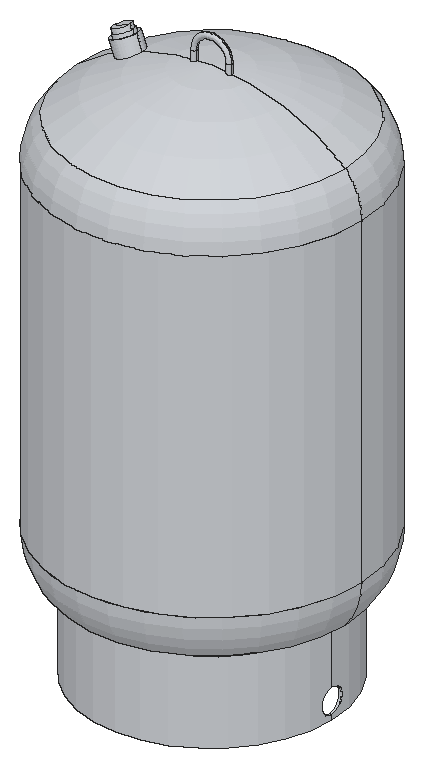
Revit family
Parameters (values of type "WX-407-C 125# W.P.")
  Weight = "436"
  Tank Volume = "132 Gallons"
  Tank Only = 49.625"
  Tank Height/Length = 54.375"
  Tank Diameter = "30"
  Pipe Connector Diameter = Pipe Connection Radius * 2  # 1.250"
  Pipe Connection Radius = 0.625"
  Model = "WX-407-C"
  Maximum Acceptance Volume = "45 Gallons"
  Max Operating Temp = "200 Def F"
  Max Operating Pressure = "125 PSI"
  Manufacturer = "Amtrol"
  Lifting Ring Location = Tank Only / 2  # 24.8125"
  Floor to Elbow Centerline = 1.750"
  Floor to Bottom of Tank = 4.688"
  Bladder/Diaphragm = "Diaphragm"
  ASME = yes
Types (5): name | Weight | Max Operating Pressure
  (no name) | "436" | "125 PSI"
  WX-407-C 125# W.P. | "436" | "125 PSI"
  WX-407-C 150# W.P. 10 BAR | "436" | "150 PSI"
  WX-407-C 175# W.P. | "436" | "175 PSI"
  WX-407-C 250# W.P. | "570" | "250 PSI"
Reference planes (in)
  plane 1 "Center (Front/Back)": y = 0
  plane 2: z = 0
  plane 3 "Center (Left/Right)": x = 0
Forms (in)
  Revolve 1, solid
    sketch origin (0, 0, 0) x (1, 0, 0) y (0, 0, 1)
      loop
        line (0, 54.313) -> (0, 4.688)
        arc (0, 4.688) -> (7.02304, 5.80327) -> (13.36034, 9.02904) r 22.78705
        arc (13.36034, 9.02904) -> (14.54245, 11.03825) -> (14.95353, 13.33289) r 6.60982
        line (14.95353, 13.33289) -> (14.95353, 45.59578)
        arc (14.95353, 45.59578) -> (14.54231, 47.804) -> (13.36377, 49.71617) r 6.13455
        arc (13.36377, 49.71617) -> (7.04725, 53.07677) -> (0, 54.313) r 22.787
      axis (0, 54.313) -> (0, 4.688)
    angle from 0 to 360
  Revolve 2, solid
    sketch origin (0, 0, 0) x (1, 0, 0) y (0, 0, 1)
      loop
        line (-8.97132, 54.74029) -> (-8.06922, 52.50752) -> (-6.88626, 52.98546) -> (-7.49136, 54.48314) -> (-7.757, 54.37581) -> (-7.88348, 54.68887) -> (-7.99307, 54.64459) -> (-8.16359, 55.06663) -> (-8.97132, 54.74029)
      axis (-8.06922, 52.50752) -> (-8.97132, 54.74029)
    angle from 0 to 360
  Revolve 3, solid
    sketch origin (0, 0, 0) x (1, 0, 0) y (0, 0, 1)
      loop
        line (0.79596, 4.82744) -> (0, 4.82744) -> (0, 3.52287) -> (0.79596, 3.52287) -> (0.79596, 4.82744)
      axis (0, 3.52287) -> (0, 4.82744)
    angle from 0 to 360
  Sweep 4, solid
    path origin (0, 0, 0) x (1, 0, 0) y (0, 0, 1)
      loop
        line (0, 3.51652) -> (0, 3.1545)
        arc (0, 3.1545) -> (0.41137, 2.16137) -> (1.4045, 1.75) r 1.4045
        line (1.4045, 1.75) -> (1.9045, 1.75)
    profile origin (0, 0, 3.33551) x (0, -1, 0) y (1, 0, 0)
      loop
        circle (0, 0) r 0.8375
  Revolve 5, solid
    sketch origin (0, 0, 0) x (1, 0, 0) y (0, 0, 1)
      loop
        line (11.99523, 0) -> (11.99523, 8.75) -> (11.74523, 8.75) -> (11.74523, 0) -> (11.99523, 0)
      axis (0, 0) -> (0, 8.75)
    angle from 0 to 360
  Sweep 6, void
    path origin (0, 0, 0) x (1, 0, 0) y (0, 0, 1)
      loop
        line (12.875, 1.75) -> (7.875, 1.75)
    profile origin (10.375, 0, 1.75) x (0, 0, -1) y (0, -1, 0)
      loop
        circle (0, 0) r 1.25
  Sweep 7, solid
    path origin (0, 0, 0) x (1, 0, 0) y (0, 0, 1)
      loop
        line (-14.78563, 31.24746) -> (-15.78563, 31.24746)
        arc (-15.78563, 31.24746) -> (-17.53563, 29.49746) -> (-15.78563, 27.74746) r 1.75
        line (-15.78563, 27.74746) -> (-14.78563, 27.74746)
    profile origin (-15.28563, 0, 31.24746) x (0, 0, -1) y (0, -1, 0)
      loop
        circle (0, 0) r 0.25
  Sweep 8, solid
    path origin (0, 0, 0) x (1, 0, 0) y (0, 0, 1)
      loop
        line (-1.75, 54.11484) -> (-1.75, 55.11484)
        arc (-1.75, 55.11484) -> (0, 56.86484) -> (1.75, 55.11484) r 1.75
        line (1.75, 55.11484) -> (1.75, 54.11484)
    profile origin (-1.75, 0, 54.61484) x (-1, 0, 0) y (0, -1, 0)
      loop
        circle (0, 0) r 0.24953
Cuts and joins
  Sweep 6 cuts Revolve 5
Lines and regions (in)
  reference lines
    curve 1: line (0, 0, 4.68496) -> (-0.84125, 0, 4.68496)
Dimensions and locks (in)
  "Tank Only": Revolve 1 sketch curve to Revolve 1 sketch curve
  "Floor to Elbow Centerline": Revolve 5 to Sweep 6 sketch curve
  Revolve 1 sketch curve to Revolve 1 sketch curve = 16.79931"
  Revolve 2 sketch curve to Revolve 2 sketch curve = 2.40813"
  Revolve 2 sketch curve to Revolve 2 sketch curve = 1.61529"
  Revolve 2 sketch curve to Revolve 2 sketch curve = 1.97384"
  Revolve 2 sketch curve to Revolve 2 sketch curve = 2.4419"
  Revolve 2 sketch curve to Revolve 1 = 2.79134"
  Revolve 2 sketch curve to Revolve 1 = 3.26929"
  "Floor to Bottom of Tank": Revolve 1 sketch curve to cut or joined group of Revolve 5, Sweep 6
  "Floor to Elbow Centerline": Sweep 4 sketch curve to cut or joined group of Revolve 5, Sweep 6
  "Lifting Ring Location": Sweep 7 sketch curve to curve 1
  plane 3 "Center (Left/Right)" to Sweep 8 sketch curve = 1.750"
  Sweep 8 sketch curve to Sweep 8 sketch curve = 3.500"
Automatic sketch dimensions
  Revolve 2 sketch curve to plane 3 "Center (Left/Right)" = 9.09939"
  Revolve 2 sketch curve to Revolve 2 sketch curve = 0.12807"
  Revolve 2 sketch curve to Revolve 2 sketch curve = 0.000"  (x2)
  Revolve 2 sketch curve to Revolve 2 sketch curve = 0.10959"
  Revolve 2 sketch curve to Revolve 2 sketch curve = 0.12648"
  Revolve 2 sketch curve to Revolve 2 sketch curve = 0.31698"
  Revolve 3 sketch curve to plane 3 "Center (Left/Right)" = 0.000"  (x2)
  plane 3 "Center (Left/Right)" to Revolve 3 sketch curve = 0.79596"
  level to Revolve 3 sketch curve = 3.52287"
  Revolve 3 sketch curve to Revolve 3 sketch curve = 0.000"
  Revolve 3 sketch curve to Revolve 3 sketch curve = 1.30457"
  Revolve 3 sketch curve to Revolve 3 sketch curve = 0.56303"
  Sweep 4 sketch curve to plane 3 "Center (Left/Right)" = 0.000"
  plane 3 "Center (Left/Right)" to Sweep 4 sketch curve = 1.4045"
  Sweep 4 sketch curve to Sweep 4 sketch curve = 0.500"
  Sweep 4 sketch curve to Sweep 4 sketch curve = 0.36201"
  plane 1 "Center (Front/Back)" to Sweep 4 sketch curve = 0.000"
  Sweep 4 sketch curve to profile plane = 0.000"
  Revolve 5 sketch curve to plane 3 "Center (Left/Right)" = 0.000"
  Revolve 5 sketch curve to level = 0.000"
  plane 3 "Center (Left/Right)" to Revolve 5 sketch curve = 11.74523"
  Revolve 5 sketch curve to Revolve 5 sketch curve = 0.250"
  Revolve 5 sketch curve to level = 0.73742"
  level to Revolve 5 sketch curve = 8.750"
  level to Revolve 5 sketch curve = 9.0291"
  plane 3 "Center (Left/Right)" to Sweep 6 sketch curve = 7.875"
  Sweep 6 sketch curve to Sweep 6 sketch curve = 5.000"
  Sweep 6 sketch curve to plane 1 "Center (Front/Back)" = 0.000"
  Sweep 6 sketch curve to profile plane = 0.000"
  Revolve 1 sketch curve to level = 0.000"
  Revolve 1 sketch curve to plane 3 "Center (Left/Right)" = 0.000"  (x2)
  Revolve 1 sketch curve to plane 3 "Center (Left/Right)" = 0.01855"
  Revolve 1 sketch curve to plane 3 "Center (Left/Right)" = 0.36472"
  plane 3 "Center (Left/Right)" to Revolve 1 sketch curve = 8.34371"
  plane 3 "Center (Left/Right)" to Revolve 1 sketch curve = 8.81898"
  Revolve 1 sketch curve to Revolve 1 sketch curve = 5.01663"
  Revolve 1 sketch curve to Revolve 1 sketch curve = 4.54479"
  Revolve 1 sketch curve to Revolve 1 sketch curve = 1.58976"
  Revolve 1 sketch curve to Revolve 1 sketch curve = 4.05388"
  Revolve 1 sketch curve to Revolve 1 sketch curve = 9.67414"
  curve 1 to plane 3 "Center (Left/Right)" = 0.000"
  curve 1 to curve 1 = 0.84125"
  level to curve 1 = 4.68496"
  Sweep 7 sketch curve to plane 3 "Center (Left/Right)" = 15.78563"
  Sweep 7 sketch curve to Sweep 7 sketch curve = 1.000"  (x2)
  Sweep 7 sketch curve to Sweep 7 sketch curve = 1.750"
  Sweep 7 sketch curve to plane 1 "Center (Front/Back)" = 0.000"
  Sweep 7 sketch curve to profile plane = 0.000"
  level to Sweep 8 sketch curve = 54.11484"
  Sweep 8 sketch curve to Sweep 8 sketch curve = 0.000"
  Sweep 8 sketch curve to Sweep 8 sketch curve = 1.000"
  plane 1 "Center (Front/Back)" to Sweep 8 sketch curve = 0.000"
  Sweep 8 sketch curve to profile plane = 0.000"
  radius of Sweep 4 sketch curve = 0.8375"
  radius of Sweep 6 sketch curve = 1.250"
  radius of Sweep 7 sketch curve = 0.250"
  radius of Sweep 8 sketch curve = 0.24953"
Connectors (in)
  piping at (1.9045, 0, 1.75), driven by "Pipe Connection Radius"
    settings: on Sweep 4, index 1
